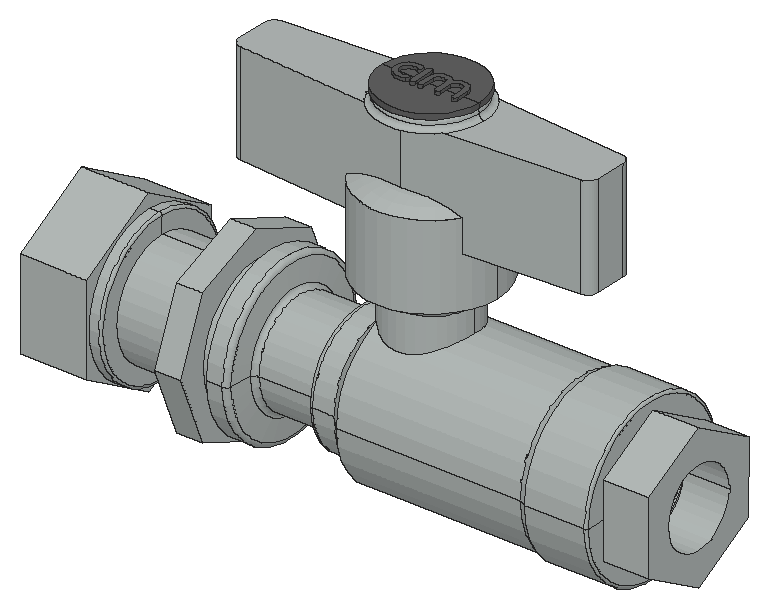
Revit family "QS01752125", category Apparecchi idraulici, Revit 2020
Family settings
  Quota connettore circolare = Usa diametro
  Tipo di parte = Normale
  Numero OmniClass = 23.45.00.00
  Titolo OmniClass = Sanitary, Laundry, and Cleaning Equipment
  Basato su piano di lavoro = No
  Sempre verticale = Sì
  Taglio con vuoti quando caricato = No
  Condiviso = No
  Punto di calcolo locali = No
Parameters
  URL = "https://web.cimberio.com/index.php/figura/1002?subcategoria_id=64"
  Temperatura di esercizio = "-20 ÷ 65°C (servizio continuo) 90° (picchi di1 h) secondo EN 13959"
  Prospetto di default = 0 mm
  Produttore = "CIMBERIO SPA"
  Pressione nominale = "PN 16"
  Modello = "Cim 270"
  Materiale = "Prodotto in lega di ottone conforme alla norma EN 12165-CW617N-DW"
  Descrizione = "Realizzato in ottemperanza ai requisiti gestionali della norma EN ISO 9001.\r\nUtilizzato per la regolazione della temperatura degli ambienti e comandare apparecchi degli impianti di riscaldamento e condizionamento."
  DN [instance] = 15 mm
  Commenti sul tipo = "Utilizzato nei più svariati settori dell'impiantistica: reti di distribuzione acqua potabile, impianti di riscaldamento, condizionamento, igienico-sanitari e in generale con ogni fluido non corrosivo"
Reference planes
  plane 1 "Centro (Fronte/Retro)": y = 0
  plane 2: z = 0
  plane 3 "Centro (Sinistra/Destra)": x = 0
Forms (mm)
  Extrusion 1, solid, material "Cim_Lega di ottone"
    sketch origin (0, 0, 0) x (0, 1, 0) y (0, 0, 1)
      loop
        circle (0, 0) r 7.5
      loop
        line (0, -17.4) -> (15.069, -8.7) -> (15.069, 8.7) -> (0, 17.4) -> (-15.069, 8.7) -> (-15.069, -8.7) -> (0, -17.4)
    from -68 to -55
  Revolve 2, solid, material "Cim_Lega di ottone"
    sketch origin (25, 0, 0) x (-1, 0, 0) y (0, 0, -1)
      loop
        line (80, -7.5) -> (77.5, -7.5) -> (77.5, -14.25)
        arc (77.5, -14.25) -> (77.646, -14.604) -> (78, -14.75) r 0.5
        line (78, -14.75) -> (80, -14.75) -> (80, -7.5)
      axis (77.5, 0) -> (80, 0)
    angle from 0 to 360
  Revolve 3, solid, material "Cim_Lega di ottone"
    sketch origin (25, 0, 0) x (-1, 0, 0) y (0, 0, -1)
      loop
        line (65, -11.1) -> (77.5, -11.1) -> (77.5, -7.5) -> (65, -7.5) -> (65, -11.1)
      axis (77.5, 0) -> (65, 0)
    angle from 0 to 360
  Revolve 4, solid, material "Cim_Lega di ottone filetto verticale"
    sketch origin (25, 0, 0) x (-1, 0, 0) y (0, 0, -1)
      loop
        line (65, -7.5) -> (56, -7.5) -> (56, -13.125) -> (63.7, -13.125) -> (65, -11.825) -> (65, -7.5)
      axis (65, 0) -> (56, 0)
    angle from 0 to 360
  Extrusion 5, solid, material "Cim_Lega di ottone"
    sketch origin (0, 0, 0) x (0, 1, 0) y (0, 0, 1)
      loop
        circle (0, 0) r 13.15
      loop
        line (-18.5, 0) -> (-13.081, -13.081) -> (0, -18.5) -> (13.081, -13.081) -> (18.5, 0) -> (13.081, 13.081) -> (0, 18.5) -> (-13.081, 13.081) -> (-18.5, 0)
    from -39 to -34
  Revolve 6, solid, material "Cim_Lega di ottone"
    sketch origin (0, 0, 0) x (1, 0, 0) y (0, 1, 0)
      loop
        line (-31, 16) -> (-31, 7.5) -> (43.1, 7.5) -> (43.1, 15.5)
        arc (43.1, 15.5) -> (42.954, 15.854) -> (42.6, 16) r 0.5
        line (42.6, 16) -> (31, 16) -> (29.499, 15.3) -> (-6.2, 15.3) -> (-9, 12.5) -> (-13, 12.5)
        arc (-13, 12.5) -> (-13.707, 12.207) -> (-14, 11.5) r 1
        line (-14, 11.5) -> (-14, 10) -> (-25.559, 10)
        arc (-25.559, 10) -> (-26.234, 10.263) -> (-26.555, 10.913) r 1
        line (-26.555, 10.913) -> (-26.92, 15.087)
        arc (-26.92, 15.087) -> (-27.241, 15.737) -> (-27.916, 16) r 1
        line (-27.916, 16) -> (-31, 16)
      axis (-31, 0) -> (43.1, 0)
    angle from 0 to 360
  Extrusion 7, solid, material "Cim_Lega di ottone"
    sketch origin (0, 0, 0) x (0, 1, 0) y (0, 0, 1)
      loop
        circle (0, 0) r 7.5
      loop
        line (0, -14) -> (12.124, -7) -> (12.124, 7) -> (0, 14) -> (-12.124, 7) -> (-12.124, -7) -> (0, -14)
    from 42.6 to 52.1
  Revolve 8, solid, material "Cim_Lega di ottone"
    sketch origin (25, 0, 0) x (-1, 0, 0) y (0, 0, -1)
      loop
        line (16, -20.664) -> (16, -33.177) -> (24.937, -33.177) -> (24.937, -10.715) -> (16.5, -10.715) -> (16.5, -20)
        arc (16.5, -20) -> (16.162, -20.265) -> (16, -20.664) r 0.837
      axis (24.937, -10.715) -> (24.937, -33.177)
    angle from 0 to 360
  Revolve 9, solid, material "Cim_Lega di ottone"
    sketch origin (25, 0, 0) x (-1, 0, 0) y (0, 0, -1)
      loop
        line (25, -22.8) -> (12, -22.8) -> (12, -39.138)
        arc (12, -39.138) -> (15.226, -40.503) -> (18.698, -40.97) r 13.159
        line (18.698, -40.97) -> (25, -40.97) -> (25, -22.8)
      axis (25, -40.97) -> (25, -22.8)
    angle from 0 to 360
  Extrusion 10, solid, material "Cim_Lega di ottone"
    sketch origin (0, 0, 0) x (1, 0, 0) y (0, 1, 0)
      loop
        arc (-33.14, 5) -> (-34.463, 4.369) -> (-35, 3.005) r 2
        line (-35, 3.005) -> (-35, -3.005)
        arc (-35, -3.005) -> (-34.463, -4.369) -> (-33.14, -5) r 2
        line (-33.14, -5) -> (0, -7.317) -> (33.14, -5)
        arc (33.14, -5) -> (34.463, -4.369) -> (35, -3.005) r 2
        line (35, -3.005) -> (35, 3.005)
        arc (35, 3.005) -> (34.463, 4.369) -> (33.14, 5) r 2
        line (33.14, 5) -> (0, 7.317) -> (-33.14, 5)
    from 32.939 to 52.8
  Revolve 11, solid, material "Cim_Lega di ottone"
    sketch origin (25, 0, 0) x (-1, 0, 0) y (0, 0, -1)
      loop
        arc (15.741, -53.783) -> (15.88, -54.349) -> (16.25, -54.8) r 1.317
        line (16.25, -54.8) -> (25, -54.8) -> (25, -52.8) -> (14.741, -52.8)
        arc (14.741, -52.8) -> (15.442, -53.087) -> (15.741, -53.783) r 1
      axis (25, -54.8) -> (25, -52.8)
    angle from 0 to 360
  Revolve 12, solid, material "Cim_Gomma"
    sketch origin (0, 0, 0) x (1, 0, 0) y (0, 0, 1)
      loop
        line (9.5, 55.8) -> (0, 55.8) -> (0, 54.8) -> (9.5, 54.8) -> (9.5, 55.8)
      axis (0, 55.8) -> (0, 54.8)
    angle from 0 to 360
  Extrusion 13, solid, material "Cim_Gomma"
    sketch origin (0, 0, 55.8) x (1, 0, 0) y (0, 1, 0)
      loop
        arc (-3.395, 2.443) -> (-7.197, 0.309) -> (-3.395, -1.825) r 2.5
        arc (-3.395, -1.825) -> (-3.228, -1.138) -> (-3.915, -0.972) r 0.5
        arc (-3.915, -0.972) -> (-6.197, 0.309) -> (-3.915, 1.59) r 1.5
        arc (-3.915, 1.59) -> (-3.228, 1.756) -> (-3.395, 2.443) r 0.5
      loop
        line (-2.695, 2.309) -> (-2.695, -1.691)
        arc (-2.695, -1.691) -> (-2.195, -2.191) -> (-1.695, -1.691) r 0.5
        line (-1.695, -1.691) -> (-1.695, 2.309)
        arc (-1.695, 2.309) -> (-2.195, 2.809) -> (-2.695, 2.309) r 0.5
      loop
        line (-1.195, 0.635) -> (-1.195, -1.691)
        arc (-1.195, -1.691) -> (-0.695, -2.191) -> (-0.195, -1.691) r 0.5
        line (-0.195, -1.691) -> (-0.195, 0.635)
        arc (-0.195, 0.635) -> (0.979, 1.809) -> (2.153, 0.635) r 1.174
        line (2.153, 0.635) -> (2.153, -1.691)
        arc (2.153, -1.691) -> (2.653, -2.191) -> (3.153, -1.691) r 0.5
        line (3.153, -1.691) -> (3.153, 0.635)
        arc (3.153, 0.635) -> (4.327, 1.809) -> (5.501, 0.635) r 1.174
        line (5.501, 0.635) -> (5.501, -1.691)
        arc (5.501, -1.691) -> (6.001, -2.191) -> (6.501, -1.691) r 0.5
        line (6.501, -1.691) -> (6.501, 0.635)
        arc (6.501, 0.635) -> (5.064, 2.68) -> (2.653, 2.022) r 2.174
        arc (2.653, 2.022) -> (0.242, 2.68) -> (-1.195, 0.635) r 2.174
    from 0 to 0.5
Dimensions and locks
  aligned and locked: level to plane 2
Connectors
  piping at (52.1, 0, 0), diameter 15, driven by "DN"
    settings: on Extrusion 7, index 1, connector inside diameter 609.6 mm, connector length 0 mm, flow factor 0, pipe flow 0.0 L/s, pressure drop 0.0 Pa, fitting loss kfactor 0, connector angle 0.00°, fixture units 0, engagement length 0 mm, angle of deflection 0.00°, flow configuration 0, flow direction 0, fitting loss method 0, system type 7, joint type 0, gender type 0, connector reference index -1, connector utility 0, adjustable connector no, is connector primary yes, connector description ""
  piping at (-68, 0, 0), diameter 15, driven by "DN"
    settings: on Extrusion 1, index 2, connector inside diameter 609.6 mm, connector length 0 mm, flow factor 0, pipe flow 0.0 L/s, pressure drop 0.0 Pa, fitting loss kfactor 0, connector angle 0.00°, fixture units 0, engagement length 0 mm, angle of deflection 0.00°, flow configuration 0, flow direction 0, fitting loss method 0, system type 7, joint type 0, gender type 0, connector reference index -1, connector utility 0, adjustable connector no, is connector primary no, connector description ""
